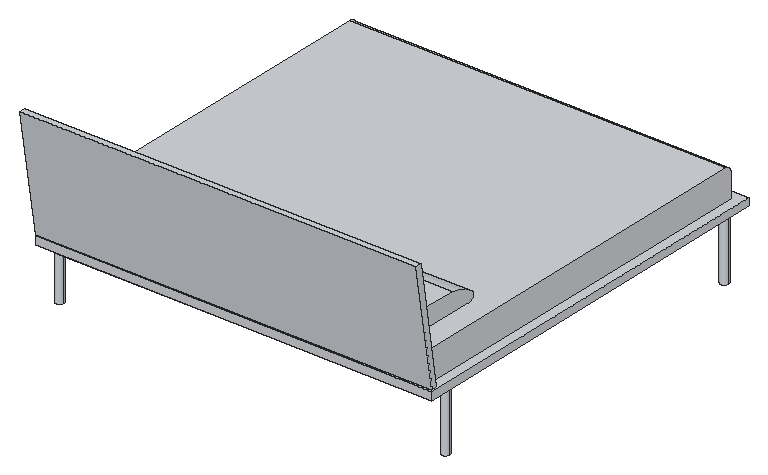
Revit family
Parameters (values of type "200 x 210 cm")
  Manufacturer = "Revit"
  Materiale Materasso [instance] = none
  Materiale Letto = none
  Materiale Gambe = none
Reference planes
  plane 1 "Center (Front/Back)": y = 0
  plane 2: z = 0
  plane 3 "Center (Left/Right)": x = 0
  plane 4: x = -1000
  plane 5: x = 1000
  plane 6: x = -950
  plane 7: x = 950
  plane 8: y = 196.705
  plane 9: y = 236.705
Forms (mm)
  Extrusion 1, solid, material <- "Materiale Letto"
    sketch origin (0, 0, 0) x (0, 1, 0) y (0, 0, 1)
      loop
        line (96.705, 300) -> (2096.705, 300) -> (2096.705, 340) -> (96.705, 340) -> (96.705, 300)
      loop
        line (30.613, 945.963) -> (0, 945.963)
        arc (0, 945.963) -> (54.342, 646.998) -> (96.005, 346.005) r 7190.911
        line (96.005, 346.005) -> (126.209, 346.005)
        arc (126.209, 346.005) -> (84.724, 646.99) -> (30.613, 945.963) r 7220.911
    from -1000 to 1000
  Extrusion 2, solid, material <- "Materiale Materasso"
    sketch origin (0, 0, 0) x (0, 1, 0) y (0, 0, 1)
      loop
        line (126.906, 340) -> (2046.705, 340) -> (2046.705, 460)
        arc (2046.705, 460) -> (2037.918, 481.213) -> (2016.705, 490) r 30
        line (2016.705, 490) -> (156.906, 490)
        arc (156.906, 490) -> (135.693, 481.213) -> (126.906, 460) r 30
        line (126.906, 460) -> (126.906, 340)
      loop
        line (156.314, 300) -> (156.314, 258.019) -> (2046.705, 258.019) -> (2046.705, 300) -> (156.314, 300)
    from -950 to 950
  Extrusion 3, solid, material <- "Materiale Gambe"
    sketch origin (0, 0, 0) x (1, 0, 0) y (0, 1, 0)
      loop
        circle (975, 216.705) r 20
    from 0 to 300
  Extrusion 4, solid, material <- "Materiale Gambe"
    sketch origin (0, 0, 0) x (-1, 0, 0) y (0, -1, 0)
      loop
        circle (975, -216.705) r 20
    from 0 to 300
  Extrusion 5, solid, material <- "Materiale Gambe"
    sketch origin (0, 2193.41, 0) x (1, 0, 0) y (0, 1, 0)
      loop
        circle (975, -216.705) r 20
    from 0 to 300
  Extrusion 6, solid, material <- "Materiale Gambe"
    sketch origin (0, 2193.41, 0) x (-1, 0, 0) y (0, -1, 0)
      loop
        circle (975, 216.705) r 20
    from 0 to 300
  Extrusion 7, solid, material <- "Materiale Materasso", detail levels medium+fine
    sketch origin (0, 0, 0) x (0, 1, 0) y (0, 0, 1)
      loop
        arc (176.972, 595.405) -> (152.207, 581.89) -> (145.481, 554.49) r 34.967
        line (145.481, 554.49) -> (155.975, 494.975) -> (527.829, 494.975)
        arc (527.829, 494.975) -> (555.887, 509.364) -> (548.56, 540.034) r 25.527
        arc (548.56, 540.034) -> (491.979, 573.485) -> (428.47, 590.421) r 241.236
        arc (428.47, 590.421) -> (302.851, 599.467) -> (176.972, 595.405) r 1209.94
    from 110.553 to 839.838
  Extrusion 8, solid, material <- "Materiale Materasso", detail levels medium+fine
    sketch origin (-940, 0, 0) x (0, 1, 0) y (0, 0, 1)
      loop
        arc (176.972, 595.405) -> (152.207, 581.89) -> (145.481, 554.49) r 34.967
        line (145.481, 554.49) -> (155.975, 494.975) -> (527.829, 494.975)
        arc (527.829, 494.975) -> (555.887, 509.364) -> (548.56, 540.034) r 25.527
        arc (548.56, 540.034) -> (491.979, 573.485) -> (428.47, 590.421) r 241.236
        arc (428.47, 590.421) -> (302.851, 599.467) -> (176.972, 595.405) r 1209.94
    from 110.553 to 839.838
Lines and regions (mm)
  symbolic lines
    curve 1: line (0, 236.705, 300) -> (0, 236.705, 0)
    curve 2: line (0, 236.705, 0) -> (0, 196.705, 0)
    curve 3: line (0, 196.705, 0) -> (0, 196.705, 300)
    curve 4: line (0, 1996.705, 300) -> (0, 1996.705, 0)
    curve 5: line (0, 1996.705, 0) -> (0, 1956.705, 0)
    curve 6: line (0, 1956.705, 0) -> (0, 1956.705, 300)
    curve 7: line (0, 2096.705, 300) -> (0, 96.705, 300)
    curve 8: line (0, 96.705, 300) -> (0, 96.705, 340)
    curve 9: arc (0, 96.705, 340) -> (0, 54.819, 644.013) -> (0, 0, 945.963) r 7190.911
    curve 10: line (0, 0, 945.963) -> (0, 30.613, 945.963)
    curve 11: arc (0, 30.613, 945.963) -> (0, 85.199, 644.005) -> (0, 126.906, 340) r 7220.911
    curve 12: line (0, 96.705, 340) -> (0, 2096.705, 340)
    curve 13: line (0, 2096.705, 340) -> (0, 2096.705, 300)
    curve 14: line (0, 156.906, 490) -> (0, 2016.705, 490)
    curve 15: arc (0, 2016.705, 490) -> (0, 2037.918, 481.213) -> (0, 2046.705, 460) r 30
    curve 16: line (0, 2046.705, 460) -> (0, 2046.705, 340)
    curve 17: arc (0, 126.906, 460) -> (0, 135.693, 481.213) -> (0, 156.906, 490) r 30
    curve 18: line (0, 126.906, 340) -> (0, 126.906, 460)
    curve 19: line (0, 155.975, 494.975) -> (0, 145.481, 554.49)
    curve 20: arc (0, 145.481, 554.49) -> (0, 152.207, 581.89) -> (0, 176.972, 595.405) r 34.967
    curve 21: arc (0, 176.972, 595.405) -> (0, 302.851, 599.467) -> (0, 428.47, 590.421) r 1209.94
    curve 22: arc (0, 428.47, 590.421) -> (0, 491.979, 573.485) -> (0, 548.56, 540.034) r 241.236
    curve 23: arc (0, 548.56, 540.034) -> (0, 555.887, 509.364) -> (0, 527.829, 494.975) r 25.527
    curve 24: line (0, 527.829, 494.975) -> (0, 155.975, 494.975)
    curve 25: line (1000, 2096.705, 0) -> (-1000, 2096.705, 0)
    curve 26: line (-1000, 2096.705, 0) -> (-1000, 126.906, 0)
    curve 27: line (-1000, 126.906, 0) -> (-1000, 0, 0)
    curve 28: line (-1000, 0, 0) -> (1000, 0, 0)
    curve 29: line (1000, 0, 0) -> (1000, 126.906, 0)
    curve 30: line (1000, 126.906, 0) -> (1000, 2096.705, 0)
    curve 31: line (834.745, 126.906, 0) -> (900, 126.906, 0)
    curve 32: arc (900, 126.906, 0) -> (935.355, 141.55, 0) -> (950, 176.906, 0) r 50
    curve 33: line (950, 176.906, 0) -> (950, 1996.705, 0)
    curve 34: arc (950, 1996.705, 0) -> (935.355, 2032.06, 0) -> (900, 2046.705, 0) r 50
    curve 35: line (900, 2046.705, 0) -> (-900, 2046.705, 0)
    curve 36: arc (-900, 2046.705, 0) -> (-935.355, 2032.06, 0) -> (-950, 1996.705, 0) r 50
    curve 37: line (-950, 1996.705, 0) -> (-950, 176.906, 0)
    curve 38: arc (-950, 176.906, 0) -> (-935.355, 141.55, 0) -> (-900, 126.906, 0) r 50
    curve 39: line (-900, 126.906, 0) -> (-805.847, 126.906, 0)
    curve 40: line (-1000, 30.613, 0) -> (1000, 30.613, 0)
    curve 41: line (-1000, 126.906, 0) -> (0, 126.906, 0)
    curve 42: line (834.745, 126.906, 0) -> (0, 126.906, 0)
    curve 43: line (1000, 126.906, 0) -> (834.745, 126.906, 0)
    curve 44: line (-829.447, 558.223, 0) -> (-100.162, 558.223, 0)
    curve 45: line (-829.447, 145.481, 0) -> (-829.447, 558.223, 0)
    curve 46: line (-100.162, 145.481, 0) -> (-829.447, 145.481, 0)
    curve 47: line (-100.162, 558.223, 0) -> (-100.162, 145.481, 0)
    curve 48: line (110.553, 558.223, 0) -> (839.838, 558.223, 0)
    curve 49: line (110.553, 145.481, 0) -> (110.553, 558.223, 0)
    curve 50: line (839.838, 145.481, 0) -> (110.553, 145.481, 0)
    curve 51: line (839.838, 558.223, 0) -> (839.838, 145.481, 0)
Dimensions and locks
  equal spacing: plane 4, plane 3 "Center (Left/Right)", plane 5
  plane 4 to plane 5 = 2000 mm
  locked: plane 4 to plane 6 at 50
  locked: plane 7 to plane 5 at 50
  aligned and locked: Extrusion 1 to plane 4
  aligned and locked: Extrusion 1 to plane 5
  aligned and locked: Extrusion 2 to plane 6
  aligned and locked: Extrusion 2 to plane 7
  aligned and locked: Extrusion 3 to Extrusion 1
  aligned and locked: Extrusion 5 to Extrusion 1
  aligned and locked: Extrusion 6 to Extrusion 1
  aligned and locked: Extrusion 4 to Extrusion 1
